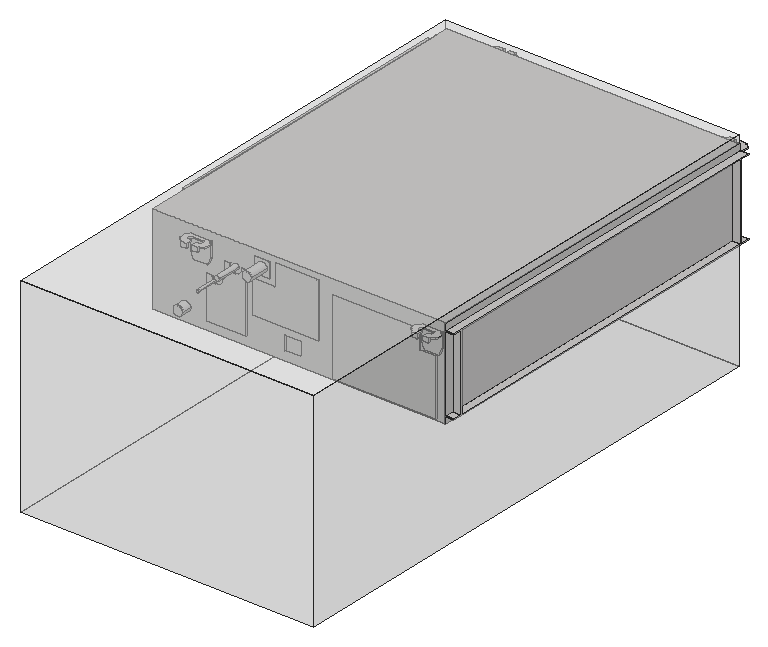
Revit family "outputfile", category 機械設備, Revit 2024
Family settings
  丸型コネクタ寸法 = 半径を使用
  パーツ タイプ = 標準
  OmniClass 番号 = 23.75.10.24.21.27.27
  OmniClass タイトル = Split System Air Conditioning Units
  作業面ベース = いいえ
  常に垂直 = はい
  ロード時にボイドで切り取り = いいえ
  注釈の向きを維持 = いいえ
  共有 = いいえ
  部屋計算ポイント = はい
Parameters (values of type "FDMF50VVMG")
  Description = ""
  製造元 = "Daikin"
  書き出し IFC クラス(タイプ) = "IfcUnitaryEquipmentType"
  定義済み IFC タイプ(タイプ) = "AIRCONDITIONINGUNIT"
  Cost = 0
  モデル = "FDMF50VVMG"
  Type Comments = ""
  Keynote = ""
  Type Image = (empty or 0)
  Assembly Code = ""
  switch_frequency = yes
  r_Liquid Pipe Size = Liquid Pipe Size / 2  # 3.2 mm
  r_Gas Pipe Size = Gas Pipe Size / 2  # 6.35 mm
  r_Drain Pipe Size = Drain Pipe Size / 2  # 12.5 mm
  lw_power = 770.0 mm  # constant formula
  lh_SA = 138.0 mm  # constant formula
  lw_SA = if(Depth = 550.0 mm, 225.0 mm, if(Depth = 700.0 mm, 300.0 mm, if(Depth = 1000.0 mm, 450.0 mm, if(Depth = 1400.0 mm, 650.0 mm, 725.0 mm))))  # 450.0 mm
  lw_RA = if(Depth = 550.0 mm, 275.0 mm, if(Depth = 700.0 mm, 349.0 mm, if(Depth = 1000.0 mm, 499.0 mm, if(Depth = 1400.0 mm, 699.0 mm, 775.0 mm))))  # 499.0 mm
  lh_power = 60.0 mm + [h***]  # 60.0 mm
  lh_mountinghole1 = lh_mountinghole + [h***]  # 222.0 mm
  lh_RA = 123.0 mm  # constant formula
  ld_power = Depth / 2  # 500.0 mm
  connector_voltage = Voltage_50Hz  # 230 V
  connector_powerinput = [Power Input (Cooling)]  # 0.000 kW
  connector_phase = Phase_50Hz  # 1
  Voltage_comment_50Hz = "220 - 240"
  Voltage_50Hz = 230 V
  URL = ""
  Supply Air Direction [instance] = yes
  Sound Power Level_H speed (dB) = 0
  Phase_50Hz = 1
  Minimum External Static Pressure = 50.00 Pa
  Minimum Circuit Amps_50Hz = 0.0 A
  Maximum Fuse Amps_50Hz = 0.0 A
  Maximum External Static Pressure = 150.10 Pa
  Material_Casing = DAIKIN_GalvanizedSteel_Casing_indoorunit
  lw_mountinghole = 630.0 mm  # constant formula
  lh_gaspipe = 183.0 mm + [h***]  # 183.0 mm
  lh_mountinghole = 222.0 mm  # constant formula
  lh_liquidpipe = 136.0 mm + [h***]  # 136.0 mm
  lh_drainpipe = 207.0 mm + [h***]  # 207.0 mm
  lh_antena = Height - lh_mountinghole + 1.0 mm  # 24.0 mm
  ld_drainpipe = Depth / 2 + 53.0 mm  # 553.0 mm
  ld_liquidpipe = Depth / 2 + 69.0 mm  # 569.0 mm
  ld_gaspipe = Depth / 2 + 65.0 mm  # 565.0 mm
  ld_mountinghole = Depth + 38.0 mm  # 1038.0 mm
  h*** = 0.0 mm  # constant formula
  lw_liquidpipe = 179.0 mm  # constant formula
  lw_gaspipe = 229.0 mm  # constant formula
  lw_drainpipe = 300.0 mm  # constant formula
  Width = 800.0 mm
  Version = "ver.1.0"
  Unit Type = "Duct (M.S.P)"
  Unit Mass Weight = 37.00 kg
  Unit Designation [instance] = ""
  Uniclass2015Version = "Products v1.30"
  Uniclass2015Title = "Split coil room air conditioning units"
  Uniclass2015Code = "Pr_70_65_03_86"
  Total Cooling Capacity [instance] = 0.000 kW
  Sound Pressure Level_M speed (dBA) = 33
  Sound Pressure Level_L speed (dBA) = 31
  Sound Pressure Level_H speed (dBA) = 35
  Series = "Multi Split_Fan Coil Unit"
  Sensible Cooling Capacity [instance] = 0.000 kW
  SA Duct Size Width = 792.0 mm
  SA Duct Size Height = 176.0 mm
  Refrigerant Type = "R32"
  RA Duct Size Width = 952.0 mm
  RA Duct Size Height = 208.0 mm
  Power Input (Cooling) = 0.000 kW
  Option Accessory 3 [instance] = ""
  Option Accessory 2 [instance] = ""
  Option Accessory 1 [instance] = ""
  Nominal Cooling Capacity = 5.000 kW
  Minimum Airflow = 750.00 m³/h
  Median Airflow = 900.00 m³/h
  Maximum Airflow = 1080.00 m³/h
  Load Classification = HVAC
  Liquid Pipe Size = 6.4 mm
  Link_Nested Family [instance] = ""
  IfcVersion = ""
  IfcExportType = "AIRCONDITIONINGUNIT"
  IfcExportAs = "IfcUnitaryEquipmentType"
  Height = 245.0 mm
  Heat Exchanger Type = "Cross Fin Coil"
  Gas Pipe Size = 12.7 mm
  Frequency_50Hz = 50 Hz
  Fan Type = "Sirocco Fan"
  Fan Drive = "Direct Drive"
  FCU Tag No. [instance] = ""
  Drain Pipe Size = 25.0 mm
  Design Supply Airflow [instance] = 0.00 m³/h
  Design Return Airflow [instance] = 0.00 m³/h
  Design External Static Pressure [instance] = 0.00 Pa
  Depth = 1000.0 mm
  既定の高さ = 0.0 mm
  Cooling Entering Wet Bulb Temperature [instance] = 0.00 °C
  Cooling Entering Dry Bulb Temperature [instance] = 0.00 °C
  Cooling Ambient Wet Bulb Temperature [instance] = 0.00 °C
  Cooling Ambient Dry Bulb Temperature [instance] = 0.00 °C
  Clearance visibility [instance] = yes
  Clearance Top = 20.0 mm
  Clearance Right = 0.0 mm
  Clearance Rear = 0.0 mm
  Clearance Left = 0.0 mm
  Clearance Front = 450.0 mm
  Clearance Bottom = 300.0 mm
Reference planes
  plane 1 "Center (Front/Back)": y = 0
  plane 2 "h": z = 0
  plane 3 "Center (Left/Right)": x = 0
  plane 4 "Back": y = 500
  plane 5 "Front": y = -500
  plane 6 "Left": x = -400
  plane 7 "Right": x = 400
  plane 8 "Top": z = 0
  plane 9 "Bottom": z = -245
  plane 10: y = -215
  plane 11: y = 500
  plane 12: y = -950
  plane 13: x = -400
  plane 14: x = 400
  plane 15: z = 20
  plane 16: z = -545
  plane 17: x = -400
  plane 18: x = -399
  plane 19: x = 399
  plane 20: y = 50
  plane 21: y = -1
  plane 22: z = -122
  plane 23: y = -501
  plane 24: z = -109
  plane 25: x = -221
  plane 26: y = -565
  plane 27: z = -62
  plane 28: x = -171
  plane 29: y = -553
  plane 30: z = -38
  plane 31: x = -100
  plane 32: x = -100
  plane 33: x = -221
  plane 34: x = -171
  plane 35: x = 370
  plane 36: x = -266
  plane 37: x = 364
  plane 38: y = -519
  plane 39: y = 519
  plane 40: z = -23
  plane 41: z = -107
  plane 42: y = -569
  plane 43: z = -207
  plane 44: x = -309
  plane 45: y = -526
  plane 46: x = -251
  plane 47: x = -203
  plane 48: x = -144
  plane 49: z = -59
  plane 50: z = -106
  plane 51: z = -221
  plane 52: z = -109
  plane 53: x = -221
  plane 54: z = -62
  plane 55: x = -171
  plane 56: z = -17
  plane 57: z = -59
  plane 58: x = -121
  plane 59: x = -79
  plane 60: x = -125
  plane 61: x = -64
  plane 62: x = 53
  plane 63: z = -164
  plane 64: z = -73
  plane 65: z = -16
  plane 66: x = 93.5
  plane 67: x = 374.5
  plane 68: x = 330
  plane 69: z = -88.5
  plane 70: z = -38
  plane 71: z = -242.5
  plane 72: x = -38.5
  plane 73: x = 6.5
  plane 74: z = -181
  plane 75: z = -221
  plane 76: y = -499
  plane 77: x = -424
  plane 78: x = 424
Forms (mm)
  Extrusion 1, solid, material "DAIKIN_GalvanizedSteel_Casing_indoorunit" <- "Material_Casing"
    sketch origin (0, 0, 0) x (1, 0, 0) y (0, 1, 0)
      loop
        line (-399, 500) -> (-399, -500) -> (399, -500) -> (399, 500) -> (-399, 500)
    from -245 to 0
  Extrusion 2, solid, material "DAIKIN_GalvanizedSteel_Casing_indoorunit" <- "Material_Casing"
    sketch origin (0, 0, 0) x (1, 0, 0) y (0, 0, 1)
      loop
        line (-251, -221) -> (-144, -221) -> (-144, -59) -> (-154.47, -59)
        arc (-154.47, -59) -> (-171, -78.8) -> (-187.53, -59) r 16.8
        line (-187.53, -59) -> (-203, -59) -> (-203, -106) -> (-206.916, -106)
        arc (-206.916, -106) -> (-221, -123.4) -> (-235.084, -106) r 14.4
        line (-235.084, -106) -> (-251, -106) -> (-251, -221)
    from 500 to 501
  Extrusion 3, solid, material "DAIKIN_GalvanizedSteel_Casing_indoorunit" <- "Material_Casing"
    sketch origin (0, 0, 0) x (1, 0, 0) y (0, 0, 1)
      loop
        line (-121, -17) -> (-121, -59) -> (-79, -59) -> (-79, -17) -> (-121, -17)
      loop
        line (-125, -73) -> (-125, -164) -> (53, -164) -> (53, -16) -> (-64, -16) -> (-64, -73) -> (-125, -73)
    from 500 to 501
  Extrusion 4, solid, material "DAIKIN_GalvanizedSteel_Casing_indoorunit" <- "Material_Casing"
    sketch origin (0, 0, 0) x (1, 0, 0) y (0, 0, 1)
      loop
        line (93.5, -38) -> (93.5, -242.5) -> (374.5, -242.5) -> (374.5, -88.5) -> (330, -88.5) -> (330, -38) -> (93.5, -38)
    from 500 to 501
  Extrusion 5, solid, material "DAIKIN_GalvanizedSteel_Casing_indoorunit" <- "Material_Casing"
    sketch origin (0, 0, 0) x (1, 0, 0) y (0, 0, 1)
      loop
        circle (-221, -109) r 3.2
    from 500 to 569
  Extrusion 6, solid, material "DAIKIN_GalvanizedSteel_Casing_indoorunit" <- "Material_Casing"
    sketch origin (0, 0, 0) x (1, 0, 0) y (0, 0, 1)
      loop
        circle (-171, -62) r 6.35
    from 500 to 565
  Extrusion 7, solid, material "DAIKIN_GalvanizedSteel_Casing_indoorunit" <- "Material_Casing"
    sketch origin (0, 0, 0) x (1, 0, 0) y (0, 0, 1)
      loop
        circle (-100, -38) r 12.5
    from 501 to 553
  Extrusion 8, solid, material "DAIKIN_GalvanizedSteel_Casing_indoorunit" <- "Material_Casing"
    sketch origin (0, 0, 0) x (1, 0, 0) y (0, 0, 1)
      loop
        circle (-309, -207) r 13
    from 500 to 526
  Extrusion 9, void
    sketch origin (0, 0, 0) x (1, 0, 0) y (0, 0, 1)
      loop
        line (-38.5, -181) -> (-38.5, -221) -> (6.5, -221) -> (6.5, -181) -> (-38.5, -181)
    from 499 to 500
Cuts and joins
  Extrusion 9 cuts Extrusion 1
Dimensions and locks
  "Height": plane 8 "Top" to plane 9 "Bottom"
  equal spacing: plane 4 "Back", plane 1 "Center (Front/Back)", plane 5 "Front"
  "Depth": plane 4 "Back" to plane 5 "Front"
  equal spacing: plane 6 "Left", plane 3 "Center (Left/Right)", plane 7 "Right"
  "Width": plane 6 "Left" to plane 7 "Right"
  "Clearance Left": plane 13 to plane 6 "Left"
  "Clearance Right": plane 7 "Right" to plane 14
  "Clearance Rear": plane 11 to plane 4 "Back"
  "Clearance Front": plane 5 "Front" to plane 12
  "Clearance Top": plane 15 to plane 8 "Top"
  "Clearance Bottom": plane 9 "Bottom" to plane 16
  locked: plane 17 to plane 18 at 1
  locked: plane 19 to plane 14 at 1
  "lw_SA": plane 11 to plane 20
  "lw_RA": plane 21 to plane 5 "Front"
  "lh_RA": plane 22 to plane 9 "Bottom"
  locked: plane 5 "Front" to plane 23 at 1
  "lw_liquidpipe": plane 25 to plane 6 "Left"
  "lh_liquidpipe": plane 24 to plane 9 "Bottom"
  "lh_gaspipe": plane 27 to plane 9 "Bottom"
  "lw_gaspipe": plane 28 to plane 6 "Left"
  "ld_gaspipe": plane 26 to plane 1 "Center (Front/Back)"
  "ld_drainpipe": plane 29 to plane 1 "Center (Front/Back)"
  "lh_drainpipe": plane 30 to plane 9 "Bottom"
  "lw_drainpipe": plane 31 to plane 6 "Left"
  "lw_drainpipe": plane 6 "Left" to plane 32
  "lw_liquidpipe": plane 6 "Left" to plane 33
  "lw_gaspipe": plane 6 "Left" to plane 34
  "lw_power": plane 6 "Left" to plane 35
  locked: plane 17 to plane 36 at 134
  "lw_mountinghole": plane 36 to plane 37
  equal spacing: plane 38, plane 1 "Center (Front/Back)", plane 39
  "ld_mountinghole": plane 39 to plane 38
  "lh_mountinghole": plane 40 to plane 9 "Bottom"
  "lh_SA": plane 41 to plane 9 "Bottom"
  locked: plane 44 to plane 6 "Left" at 91
  locked: plane 43 to plane 9 "Bottom" at 38
  plane 48 to plane 47 to plane 46 to plane 6 "Left" = 59.0 mm, 48.0 mm, 149.0 mm
  plane 8 "Top" to plane 49 to plane 50 to plane 51 = 59.0 mm locked, 47.0 mm locked, 115.0 mm locked
  plane 55 to plane 53 to plane 6 "Left" = 50.0 mm locked, 179.0 mm locked
  plane 54 to plane 52 to plane 9 "Bottom" = 47.0 mm locked, 136.0 mm locked
  plane 59 to plane 58 to plane 6 "Left" = 42.0 mm locked, 279.0 mm locked
  plane 8 "Top" to plane 56 to plane 57 = 17.0 mm locked, 42.0 mm locked
  plane 62 to plane 61 to plane 60 to plane 6 "Left" = 117.0 mm, 61.0 mm, 275.0 mm
  plane 8 "Top" to plane 65 to plane 64 = 16.0 mm locked, 57.0 mm locked
  locked: plane 65 to plane 63 at 148
  plane 8 "Top" to plane 70 to plane 69 to plane 71 = 38.0 mm locked, 50.5 mm locked, 154.0 mm locked
  plane 67 to plane 68 to plane 66 to plane 6 "Left" = 44.5 mm locked, 236.5 mm locked, 493.5 mm locked
  plane 8 "Top" to plane 74 to plane 75 = 181.0 mm locked, 40.0 mm locked
  plane 73 to plane 72 to plane 6 "Left" = 45.0 mm, 361.5 mm
  locked: plane 76 to plane 5 "Front" at 1
  locked: plane 77 to plane 17 at 24
  locked: plane 14 to plane 78 at 24
  "ld_liquidpipe": plane 42 to plane 1 "Center (Front/Back)"
  "r_Liquid Pipe Size": radius of Extrusion 5 sketch curve
  "r_Gas Pipe Size": radius of Extrusion 6 sketch curve
  "r_Drain Pipe Size": radius of Extrusion 7 sketch curve
  aligned and locked: level to plane 2 "h"
  aligned and locked: plane 8 "Top" to Extrusion 1
  aligned and locked: Extrusion 1 to plane 9 "Bottom"
  aligned and locked: nested 5 to plane 12
  aligned and locked: plane 13 to nested 5
  aligned and locked: plane 14 to nested 5
  aligned and locked: nested 5 to plane 13
  aligned and locked: plane 11 to nested 5
  aligned and locked: plane 15 to nested 5
  aligned and locked: plane 16 to nested 5
  aligned and locked: plane 5 "Front" to Extrusion 1 sketch curve
  aligned and locked: Extrusion 1 to plane 18
  aligned and locked: plane 19 to Extrusion 1
  aligned and locked: nested 7 to plane 18
  aligned and locked: nested 7 to plane 20
  aligned and locked: plane 19 to nested 8
  aligned and locked: plane 21 to nested 8
  aligned and locked: plane 22 to nested 8
  aligned and locked: Extrusion 2 to plane 23
  aligned and locked: plane 5 "Front" to Extrusion 2
  aligned and locked: Extrusion 3 to plane 23
  aligned and locked: plane 5 "Front" to Extrusion 3
  aligned and locked: plane 5 "Front" to Extrusion 4
  aligned and locked: Extrusion 5 sketch curve to plane 25
  aligned and locked: plane 24 to Extrusion 5 sketch curve
  aligned and locked: plane 5 "Front" to Extrusion 5
  aligned and locked: Extrusion 6 sketch curve to plane 28
  aligned and locked: plane 27 to Extrusion 6 sketch curve
  aligned and locked: plane 5 "Front" to Extrusion 6
  aligned and locked: Extrusion 7 sketch curve to plane 31
  aligned and locked: Extrusion 7 sketch curve to plane 30
  aligned and locked: Extrusion 7 to plane 29
  aligned and locked: plane 23 to Extrusion 7
  aligned and locked: nested 3 to plane 29
  aligned and locked: plane 32 to nested 3
  aligned and locked: nested 2 to plane 33
  aligned and locked: nested 1 to plane 34
  aligned and locked: Extrusion 6 to plane 26
  aligned and locked: nested 1 to plane 26
  aligned and locked: nested 6 to plane 5 "Front"
  aligned and locked: nested 6 to plane 35
  aligned and locked: plane 36 to nested 10
  aligned and locked: nested 10 to plane 5 "Front"
  aligned and locked: plane 37 to nested 9
  aligned and locked: nested 9 to plane 5 "Front"
  aligned and locked: nested 11 to plane 36
  aligned and locked: plane 4 "Back" to nested 11
  aligned and locked: nested 12 to plane 37
  aligned and locked: plane 4 "Back" to nested 12
  aligned and locked: plane 40 to nested 10
  aligned and locked: plane 40 to nested 11
  aligned and locked: plane 40 to nested 9
  aligned and locked: plane 40 to nested 12
  aligned and locked: plane 36 to nested 14
  aligned and locked: nested 14 to plane 39
  aligned and locked: plane 37 to nested 13
  aligned and locked: nested 13 to plane 39
  aligned and locked: plane 37 to nested 16
  aligned and locked: plane 38 to nested 16
  aligned and locked: plane 38 to nested 15
  aligned and locked: plane 36 to nested 15
  aligned and locked: plane 17 to plane 6 "Left"
  aligned and locked: plane 41 to nested 7
  aligned and locked: Extrusion 5 to plane 42
  aligned and locked: nested 2 to plane 42
  aligned and locked: Extrusion 8 sketch curve to plane 44
  aligned and locked: plane 43 to Extrusion 8 sketch curve
  aligned and locked: plane 5 "Front" to Extrusion 8
  aligned and locked: plane 45 to Extrusion 8
  aligned and locked: Extrusion 3 sketch curve to plane 56
  aligned and locked: Extrusion 3 sketch curve to plane 58
  aligned and locked: plane 57 to Extrusion 3 sketch curve
  aligned and locked: plane 59 to Extrusion 3 sketch curve
  aligned and locked: Extrusion 4 to plane 23
  aligned and locked: Extrusion 9 sketch curve to plane 74
  aligned and locked: plane 75 to Extrusion 9 sketch curve
  aligned and locked: plane 73 to Extrusion 9 sketch curve
  aligned and locked: plane 5 "Front" to Extrusion 9
  aligned and locked: plane 76 to Extrusion 9
  aligned and locked: nested 17 to plane 20
  aligned and locked: nested 17 to plane 77
  aligned and locked: plane 21 to nested 18
  aligned and locked: plane 78 to nested 18
  aligned and locked: plane 41 to nested 17
  aligned and locked: nested 18 to plane 22
  aligned and locked: nested 4 to plane 3 "Center (Left/Right)"
  aligned and locked: plane 1 "Center (Front/Back)" to nested 4
  aligned and locked: level to plane 8 "Top"
Automatic sketch dimensions
  plane 6 "Left" to Extrusion 1 sketch curve = 1.0 mm
  Extrusion 1 sketch curve to plane 7 "Right" = 1.0 mm
  Extrusion 1 sketch curve to plane 4 "Back" = 0.0 mm
  Extrusion 2 sketch curve to plane 46 = 0.0 mm
  Extrusion 2 sketch curve to plane 33 = 0.0 mm
  Extrusion 2 sketch curve to plane 47 = 0.0 mm
  Extrusion 2 sketch curve to plane 34 = 0.0 mm
  Extrusion 2 sketch curve to plane 48 = 0.0 mm
  Extrusion 2 sketch curve to plane 51 = 0.0 mm
  Extrusion 2 sketch curve to plane 52 = 0.0 mm
  Extrusion 2 sketch curve to plane 50 = 0.0 mm  (x3)
  Extrusion 2 sketch curve to plane 54 = 0.0 mm
  Extrusion 2 sketch curve to plane 49 = 0.0 mm  (x3)
  plane 33 to Extrusion 2 sketch curve = 14.084 mm
  plane 34 to Extrusion 2 sketch curve = 16.53 mm
  Extrusion 3 sketch curve to plane 60 = 0.0 mm
  Extrusion 3 sketch curve to plane 61 = 0.0 mm
  Extrusion 3 sketch curve to plane 62 = 0.0 mm
  Extrusion 3 sketch curve to plane 63 = 0.0 mm
  Extrusion 3 sketch curve to plane 64 = 0.0 mm
  Extrusion 3 sketch curve to plane 65 = 0.0 mm
  Extrusion 4 sketch curve to plane 66 = 0.0 mm
  Extrusion 4 sketch curve to plane 68 = 0.0 mm
  Extrusion 4 sketch curve to plane 67 = 0.0 mm
  Extrusion 4 sketch curve to plane 71 = 0.0 mm
  Extrusion 4 sketch curve to plane 69 = 0.0 mm
  Extrusion 4 sketch curve to plane 70 = 0.0 mm
  Extrusion 9 sketch curve to plane 72 = 0.0 mm
  radius of Extrusion 8 sketch curve = 13.0 mm
Nested families
  nested 1: "daikin_connector_rotate2" at (-171, 0, -62), length <- "ld_gaspipe", built-in parameter 1001364 <- "lh_gaspipe", radius <- "r_Gas Pipe Size", type "daikin_connector_rotate2"
    with radius 6.35 mm, length 565.0 mm, angle_vertical 90.00°
  nested 2: "daikin_connector_rotate2" at (-221, 0, -109), length <- "ld_liquidpipe", built-in parameter 1001364 <- "lh_liquidpipe", radius <- "r_Liquid Pipe Size", type "daikin_connector_rotate2"
    with radius 3.2 mm, length 569.0 mm, angle_vertical 90.00°
  nested 3: "daikin_connector_rotate2" at (-100, 0, -38), length <- "ld_drainpipe", built-in parameter 1001364 <- "lh_drainpipe", radius <- "r_Drain Pipe Size", type "daikin_connector_rotate2"
    with radius 12.5 mm, length 553.0 mm, angle_vertical 90.00°
  nested 4: "daikin_△_symbolicline" at (0, 0, 245) x (0, -1, 0) z (0, 0, 1), built-in parameter 1001364 <- "Height", visible <- "Supply Air Direction", type "daikin_△_symbolicline"
    with length 200.0 mm
  nested 5: "daikin_clearancespace" at (0, -225, -262.381), visible <- "Clearance visibility", show <- "Clearance visibility", Link_Nested Family <- "Link_Nested Family", type "daikin_clearancespace"
    with width 800.0 mm, show yes, height 565.0 mm, depth 1450.0 mm, Link_Nested Family ""
  nested 6: "daikin_connector_rotate2" at (370, 0, -185), built-in parameter 1001364 <- "lh_power", length <- "ld_power", type "daikin_connector_rotate2"
    with radius 10.0 mm, length 500.0 mm, angle_vertical 90.00°
  nested 7: "daikin_ductflange_FDMF-VVMG2" at (-399, 50, -107) x (0, -1, 0) z (0, 0, 1), type "daikin_ductflange_FDMF-VVMG2"
    with width 792.0 mm, w 1000.0 mm
  nested 8: "daikin_ductflange_FDMF-VVMG" at (399, -1, -122) x (0, 1, 0) z (0, 0, 1), type "daikin_ductflange_FDMF-VVMG"
    with width 952.0 mm, lw 25.0 mm, w 1000.0 mm
  nested 9: "daikin_hangerfixture_FDMF-VVMG" at (364, -500, -23), type "daikin_hangerfixture_FDMF-VVMG"
  nested 10: "daikin_hangerfixture_FDMF-VVMG" at (-266, -500, -23), type "daikin_hangerfixture_FDMF-VVMG"
  nested 11: "daikin_hangerfixture_FDMF-VVMG" at (-266, 500, -23) x (-1, 0, 0) z (0, 0, 1), type "daikin_hangerfixture_FDMF-VVMG"
  nested 12: "daikin_hangerfixture_FDMF-VVMG" at (364, 500, -23) x (-1, 0, 0) z (0, 0, 1), type "daikin_hangerfixture_FDMF-VVMG"
  nested 13: "daikin_mountinghole" at (364, 519, -245), h_mountinghole <- "lh_mountinghole1", l_antenna <- "lh_antena", Link_Nested Family <- "Link_Nested Family", type "daikin_mountinghole"
    with show yes, l_antenna 24.0 mm, h_mountinghole 222.0 mm, Link_Nested Family ""
  nested 14: "daikin_mountinghole" at (-266, 519, -245), h_mountinghole <- "lh_mountinghole1", l_antenna <- "lh_antena", Link_Nested Family <- "Link_Nested Family", type "daikin_mountinghole"
    with show yes, l_antenna 24.0 mm, h_mountinghole 222.0 mm, Link_Nested Family ""
  nested 15: "daikin_mountinghole" at (-266, -519, -245), h_mountinghole <- "lh_mountinghole1", l_antenna <- "lh_antena", Link_Nested Family <- "Link_Nested Family", type "daikin_mountinghole"
    with show yes, l_antenna 24.0 mm, h_mountinghole 222.0 mm, Link_Nested Family ""
  nested 16: "daikin_mountinghole" at (364, -519, -245), h_mountinghole <- "lh_mountinghole1", l_antenna <- "lh_antena", Link_Nested Family <- "Link_Nested Family", type "daikin_mountinghole"
    with show yes, l_antenna 24.0 mm, h_mountinghole 222.0 mm, Link_Nested Family ""
  nested 17: "daikin_connector_rotate2" at (-400, 50, -107) x (0, -1, 0) z (0, 0, 1), type "daikin_connector_rotate2"
    with radius 10.0 mm, length 24.0 mm, angle_vertical 90.00°
  nested 18: "daikin_connector_rotate2" at (400, -1, -122) x (0, 1, 0) z (0, 0, 1), type "daikin_connector_rotate2"
    with radius 10.0 mm, length 24.0 mm, angle_vertical 90.00°
Connectors
  piping at (-100, -553, -38), diameter 25, driven by "r_Drain Pipe Size"
    settings: on nested 3, index 3, connector inside diameter 609.6 mm, connector length 0.0 mm, flow factor 0, pipe flow 0.00 m³/h, pressure drop 0.0 Pa, fitting loss kfactor 0, connector angle 0.00°, fixture units 0, engagement length 0.0 mm, angle of deflection 0.00°, flow configuration 1, flow direction 2, fitting loss method 4, system type 16, joint type 0, gender type 0, connector reference index -1, connector utility 0, adjustable connector no, is connector primary yes, connector description "Condensate Drain Piping"
  piping at (-171, -565, -62), diameter 12.7, driven by "r_Gas Pipe Size"
    settings: on nested 1, index 4, connector inside diameter 609.6 mm, connector length 0.0 mm, flow factor 0, pipe flow 0.00 m³/h, pressure drop 0.0 Pa, fitting loss kfactor 0, connector angle 0.00°, fixture units 0, engagement length 0.0 mm, angle of deflection 0.00°, flow configuration 1, flow direction 2, fitting loss method 0, system type 29, joint type 0, gender type 0, connector reference index -1, connector utility 0, adjustable connector no, is connector primary no, connector description "Refrigerant Gas Piping"
  piping at (-221, -569, -109), diameter 6.4, driven by "r_Liquid Pipe Size"
    settings: on nested 2, index 5, connector inside diameter 609.6 mm, connector length 0.0 mm, flow factor 0, pipe flow 0.00 m³/h, pressure drop 0.0 Pa, fitting loss kfactor 0, connector angle 0.00°, fixture units 0, engagement length 0.0 mm, angle of deflection 0.00°, flow configuration 1, flow direction 1, fitting loss method 0, system type 29, joint type 0, gender type 0, connector reference index -1, connector utility 0, adjustable connector no, is connector primary no, connector description "Refrigerant Liquid Piping"
  electrical at (370, -500, -185), driven by "Load Classification", driven by "connector_voltage", driven by "connector_phase", driven by "connector_powerinput"
    settings: on nested 6, index 6, voltage 230 V, apparent load 0 VA, apparent load phase1 0 VA, apparent load phase2 0 VA, apparent load phase3 0 VA, power factor 1, load classification "HVAC", number of poles 1, system type 30, power factor state 1, is connector primary yes, connector utility no, sub classification motor no, connector description "Power Supply"
  hvac at (-424, 50, -107), driven by "SA Duct Size Height", driven by "SA Duct Size Width"
    settings: on nested 17, index 7, duct flow 0.00 m³/h, flow factor 0, pres drop 0.00 Pa, loss coef 0, conn angle 0.00°, conn width 792.0 mm, conn height 176.0 mm, conn diameter 609.6 mm, duct sys type 1, conn prof type 1, flow config 0, flow direction 2, loss method 4, conn ref index -1, conn util no, is conn primary yes, conn desc "SA Duct"
  hvac at (424, -1, -122), driven by "RA Duct Size Height", driven by "RA Duct Size Width"
    settings: on nested 18, index 8, duct flow 0.00 m³/h, flow factor 0, pres drop 0.00 Pa, loss coef 0, conn angle 0.00°, conn width 952.0 mm, conn height 208.0 mm, conn diameter 609.6 mm, duct sys type 2, conn prof type 1, flow config 0, flow direction 1, loss method 4, conn ref index -1, conn util no, is conn primary no, conn desc "RA Duct"
Definition of nested family "daikin_clearancespace"
  Parameters (values of type "daikin_clearancespace")
    Description = "daikin_clearancespace"
    width [instance] = 1823.963 mm
    show [instance] = yes
    material = none
    height [instance] = 1359.762 mm
    depth [instance] = 880.0 mm
    Default Elevation = 0.0 mm
    Link_Nested Family [instance] = ""
  Reference planes
    plane 1 "Center (Front/Back)": y = 0
    plane 2 "Center (Elevation)": z = -0.119
    plane 3 "Center (Left/Right)": x = 0
    plane 4: y = 440
    plane 5: y = -440
    plane 6 "Right": x = 911.982
    plane 7 "Left": x = -911.982
    plane 8 "Top": z = 679.762
    plane 9 "Bottom": z = -680
  Forms (mm)
    Extrusion 1, solid, material <- "material", visible <- "show"
      sketch origin (0, 0, 0) x (1, 0, 0) y (0, 1, 0)
        loop
          line (-911.982, 440) -> (-911.982, -440) -> (911.982, -440) -> (911.982, 440) -> (-911.982, 440)
      from -680 to 679.762
  Lines and regions (mm)
    symbolic lines, visible <- "show"
      curve 1: line (911.982, 440, 0) -> (-911.982, 440, 0)
      curve 2: line (-911.982, 440, 0) -> (-911.982, -440, 0)
      curve 3: line (-911.982, -440, 0) -> (911.982, -440, 0)
      curve 4: line (911.982, -440, 0) -> (911.982, 440, 0)
      curve 5: line (911.982, 0, 679.762) -> (-911.982, 0, 679.762)
      curve 6: line (911.982, 0, -680) -> (911.982, 0, 679.762)
      curve 7: line (-911.982, 0, -680) -> (911.982, 0, -680)
      curve 8: line (-911.982, 0, 679.762) -> (-911.982, 0, -680)
      curve 9: line (0, 440, 679.762) -> (0, -440, 679.762)
      curve 10: line (0, -440, 679.762) -> (0, -440, -680)
      curve 11: line (0, 440, -680) -> (0, 440, 679.762)
      curve 12: line (0, -440, -680) -> (0, 440, -680)
  Dimensions and locks
    "width": plane 7 "Left" to plane 6 "Right"
    "depth": plane 4 to plane 5
    "height": plane 8 "Top" to plane 9 "Bottom"
    equal spacing: plane 7 "Left", plane 3 "Center (Left/Right)", plane 6 "Right"
    equal spacing: plane 4, plane 1 "Center (Front/Back)", plane 5
    equal spacing: plane 8 "Top", plane 2 "Center (Elevation)", plane 9 "Bottom"
    aligned and locked: level to plane 2 "Center (Elevation)"
    aligned and locked: Extrusion 1 sketch curve to plane 4
    aligned and locked: plane 7 "Left" to Extrusion 1 sketch curve
    aligned and locked: Extrusion 1 sketch curve to plane 5
    aligned and locked: Extrusion 1 sketch curve to plane 6 "Right"
    aligned and locked: plane 8 "Top" to Extrusion 1
    aligned and locked: curve 1 to Extrusion 1
    aligned and locked: curve 2 to Extrusion 1
    aligned and locked: curve 3 to Extrusion 1
    aligned and locked: curve 4 to Extrusion 1
    aligned and locked: curve 5 to Extrusion 1
    aligned and locked: curve 6 to Extrusion 1
    aligned and locked: curve 7 to Extrusion 1
    aligned and locked: curve 8 to Extrusion 1
    aligned and locked: curve 9 to Extrusion 1
    aligned and locked: curve 10 to Extrusion 1
    aligned and locked: curve 11 to Extrusion 1
    aligned and locked: curve 12 to Extrusion 1
    aligned and locked: Extrusion 1 to plane 9 "Bottom"
Definition of nested family "daikin_ductflange_FDMF-VVMG2"
  Parameters (values of type "daikin_ductflange_FBFC-DVMG2")
    width = if(w = 550.0 mm, 337.0 mm, if(w = 700.0 mm, 492.0 mm, if(w = 1000.0 mm, 792.0 mm, if(w = 1400.0 mm, 1192.0 mm, 1337.0 mm))))  # 1192.0 mm
    material = none
    height = 215.0 mm
    depth = 1.0 mm
    w = 1400.0 mm
    Default Elevation = 0.0 mm
  Reference planes
    plane 1 "Center (Front/Back)": y = 0
    plane 2: z = 0
    plane 3 "Center (Left/Right)": x = 0
    plane 4: z = 88
    plane 5: z = -88
    plane 6: y = -25
    plane 7: z = 106
    plane 8: z = 89
    plane 9: y = -1
    plane 10: x = -617.5
    plane 11: x = 617.5
    plane 12: z = -106
    plane 13: z = -89
    plane 14: y = -1
    plane 15: x = 596
    plane 16: x = -596
    plane 17: x = 597
    plane 18: z = 87
    plane 19: z = -87
    plane 20: x = -597
    plane 21: z = 87
    plane 22: z = -87
    plane 23: y = -1
  Forms (mm)
    Extrusion 1, solid, material <- "material"
      sketch origin (0, 0, 0) x (0, 1, 0) y (0, 0, 1)
        loop
          line (-25, 88) -> (0, 88) -> (0, 106) -> (-1, 106) -> (-1, 89) -> (-25, 89) -> (-25, 88)
      from -617.5 to 617.5
    Extrusion 2, solid, material <- "material"
      sketch origin (0, 0, 0) x (0, 1, 0) y (0, 0, 1)
        loop
          line (-25, -88) -> (-25, -89) -> (-1, -89) -> (-1, -106) -> (0, -106) -> (0, -88) -> (-25, -88)
      from -617.5 to 617.5
    Extrusion 3, solid, material <- "material"
      sketch origin (0, 0, 0) x (1, 0, 0) y (0, 0, 1)
        loop
          line (596, 88) -> (596, -88) -> (617.5, -88) -> (617.5, -87) -> (597, -87) -> (597, 87) -> (617.5, 87) -> (617.5, 88) -> (596, 88)
      from 0 to 25
    Extrusion 4, solid, material <- "material"
      sketch origin (0, 0, 0) x (1, 0, 0) y (0, 0, 1)
        loop
          line (-617.5, 88) -> (-617.5, 87) -> (-597, 87) -> (-597, -87) -> (-617.5, -87) -> (-617.5, -88) -> (-596, -88) -> (-596, 88) -> (-617.5, 88)
      from 0 to 25
    Extrusion 5, solid, material <- "material"
      sketch origin (0, 0, 0) x (1, 0, 0) y (0, 0, 1)
        loop
          line (-617.5, 88) -> (-617.5, -88) -> (-596, -88) -> (-596, 88) -> (-617.5, 88)
        loop
          line (617.5, 88) -> (596, 88) -> (596, -88) -> (617.5, -88) -> (617.5, 88)
      from 0 to 1
  Cuts and joins
    joined: Extrusion 1, Extrusion 2, Extrusion 3, Extrusion 4, Extrusion 5
  Dimensions and locks
    plane 4 to level to plane 5 = 88.0 mm, 88.0 mm
    locked: plane 6 to plane 1 "Center (Front/Back)" at 25
    locked: plane 9 to plane 1 "Center (Front/Back)" at 1
    locked: plane 8 to plane 4 at 1
    locked: plane 16 to plane 10 at 21.5
    locked: plane 17 to plane 15 at 1
    locked: plane 4 to plane 18 at 1
    locked: plane 19 to plane 5 at 1
    "width": plane 15 to plane 16
    plane 4 to plane 5 = 176.0 mm
    locked: plane 16 to plane 20 at 1
    locked: plane 4 to plane 21 at 1
    locked: plane 22 to plane 5 at 1
    locked: plane 23 to plane 1 "Center (Front/Back)" at 1
    plane 4 to level to plane 5 = 88.0 mm locked, 88.0 mm locked
    locked: plane 5 to plane 13 at 1
    locked: plane 5 to plane 12 at 18
    locked: plane 7 to plane 4 at 18
    equal spacing: plane 15, plane 3 "Center (Left/Right)", plane 16
    locked: plane 11 to plane 15 at 21.5
    plane 11 to plane 10 = 1235.0 mm
    aligned and locked: level to plane 2
    aligned and locked: Extrusion 1 to plane 10
    aligned and locked: plane 11 to Extrusion 1
    aligned and locked: plane 5 to Extrusion 2
    aligned and locked: Extrusion 2 to plane 1 "Center (Front/Back)"
    aligned and locked: plane 15 to Extrusion 3 sketch curve
    aligned and locked: Extrusion 3 sketch curve to Extrusion 2  (x2)
    aligned and locked: Extrusion 3 sketch curve to plane 11
    aligned and locked: plane 6 to Extrusion 3
    aligned and locked: Extrusion 2 to plane 10
    aligned and locked: plane 11 to Extrusion 2
    aligned and locked: Extrusion 4 sketch curve to Extrusion 1  (x2)
    aligned and locked: plane 5 to Extrusion 4 sketch curve
    aligned and locked: Extrusion 4 sketch curve to plane 16
    aligned and locked: Extrusion 4 sketch curve to plane 22
    aligned and locked: plane 20 to Extrusion 4 sketch curve
    aligned and locked: plane 21 to Extrusion 4 sketch curve
    aligned and locked: Extrusion 4 to plane 1 "Center (Front/Back)"
    aligned and locked: plane 6 to Extrusion 4
    aligned and locked: Extrusion 5 sketch curve to Extrusion 1  (x4)
    aligned and locked: Extrusion 5 sketch curve to Extrusion 4  (x2)
    aligned and locked: Extrusion 5 sketch curve to Extrusion 3  (x2)
    aligned and locked: Extrusion 5 to plane 1 "Center (Front/Back)"
    aligned and locked: plane 23 to Extrusion 5
  Automatic sketch dimensions
    Extrusion 1 sketch curve to plane 6 = 0.0 mm
    Extrusion 1 sketch curve to plane 7 = 0.0 mm
    Extrusion 1 sketch curve to plane 9 = 0.0 mm
    Extrusion 1 sketch curve to plane 1 "Center (Front/Back)" = 0.0 mm
    Extrusion 1 sketch curve to plane 4 = 0.0 mm
    Extrusion 1 sketch curve to plane 8 = 0.0 mm
    Extrusion 2 sketch curve to plane 6 = 0.0 mm
    plane 12 to Extrusion 2 sketch curve = 0.0 mm
    Extrusion 2 sketch curve to plane 14 = 0.0 mm
    Extrusion 2 sketch curve to plane 1 "Center (Front/Back)" = 0.0 mm
    plane 13 to Extrusion 2 sketch curve = 0.0 mm
    Extrusion 2 sketch curve to plane 5 = 0.0 mm
    Extrusion 3 sketch curve to plane 17 = 0.0 mm
    Extrusion 3 sketch curve to plane 19 = 0.0 mm
    Extrusion 3 sketch curve to plane 18 = 0.0 mm
    Extrusion 3 sketch curve to plane 4 = 0.0 mm
    Extrusion 4 sketch curve to plane 10 = 0.0 mm
Definition of nested family "daikin_ductflange_FDMF-VVMG"
  Parameters (values of type "daikin_ductflange_FBFC-DVMG")
    width = if(w = 550.0 mm, 502.0 mm, if(w = 700.0 mm, 654.0 mm, if(w = 1000.0 mm, 952.0 mm, if(w = 1400.0 mm, 1352.0 mm, 1502.0 mm))))  # 654.0 mm
    material = none
    lw = if(width = 654.0 mm, 23.0 mm, 25.0 mm)  # 23.0 mm
    height = 208.0 mm
    depth = 1.0 mm
    w = 700.0 mm
    Default Elevation = 0.0 mm
  Reference planes
    plane 1 "Center (Front/Back)": y = 0
    plane 2: z = 0
    plane 3 "Center (Left/Right)": x = 0
    plane 4: z = 104
    plane 5: z = -104
    plane 6: y = -25
    plane 7: z = 121
    plane 8: z = 105
    plane 9: y = -1
    plane 10: x = -350
    plane 11: x = 350
    plane 12: z = -122
    plane 13: z = -105
    plane 14: y = -1
    plane 15: x = 327
    plane 16: x = -327
    plane 17: x = 328
    plane 18: z = 103
    plane 19: z = -103
    plane 20: x = -328
    plane 21: z = 103
    plane 22: z = -103
    plane 23: y = -1
  Forms (mm)
    Extrusion 1, solid, material <- "material"
      sketch origin (0, 0, 0) x (0, 1, 0) y (0, 0, 1)
        loop
          line (-25, 104) -> (0, 104) -> (0, 121) -> (-1, 121) -> (-1, 105) -> (-25, 105) -> (-25, 104)
      from -350 to 350
    Extrusion 2, solid, material <- "material"
      sketch origin (0, 0, 0) x (0, 1, 0) y (0, 0, 1)
        loop
          line (-25, -104) -> (-25, -105) -> (-1, -105) -> (-1, -122) -> (0, -122) -> (0, -104) -> (-25, -104)
      from -350 to 350
    Extrusion 3, solid, material <- "material"
      sketch origin (0, 0, 0) x (1, 0, 0) y (0, 0, 1)
        loop
          line (327, 104) -> (327, -104) -> (350, -104) -> (350, -103) -> (328, -103) -> (328, 103) -> (350, 103) -> (350, 104) -> (327, 104)
      from 0 to 25
    Extrusion 4, solid, material <- "material"
      sketch origin (0, 0, 0) x (1, 0, 0) y (0, 0, 1)
        loop
          line (-350, 104) -> (-350, 103) -> (-328, 103) -> (-328, -103) -> (-350, -103) -> (-350, -104) -> (-327, -104) -> (-327, 104) -> (-350, 104)
      from 0 to 25
    Extrusion 5, solid, material <- "material"
      sketch origin (0, 0, 0) x (1, 0, 0) y (0, 0, 1)
        loop
          line (-350, 104) -> (-350, -104) -> (-327, -104) -> (-327, 104) -> (-350, 104)
        loop
          line (350, 104) -> (327, 104) -> (327, -104) -> (350, -104) -> (350, 104)
      from 0 to 1
  Cuts and joins
    joined: Extrusion 1, Extrusion 2, Extrusion 3, Extrusion 4, Extrusion 5
  Dimensions and locks
    plane 4 to level to plane 5 = 104.0 mm, 104.0 mm
    locked: plane 6 to plane 1 "Center (Front/Back)" at 25
    locked: plane 9 to plane 1 "Center (Front/Back)" at 1
    locked: plane 8 to plane 4 at 1
    "lw": plane 11 to plane 15
    "lw": plane 16 to plane 10
    locked: plane 17 to plane 15 at 1
    locked: plane 4 to plane 18 at 1
    locked: plane 19 to plane 5 at 1
    "width": plane 15 to plane 16
    equal spacing: plane 15, plane 3 "Center (Left/Right)", plane 16
    locked: plane 16 to plane 20 at 1
    locked: plane 4 to plane 21 at 1
    locked: plane 22 to plane 5 at 1
    locked: plane 23 to plane 1 "Center (Front/Back)" at 1
    locked: plane 7 to plane 4 at 17
    locked: plane 1 "Center (Front/Back)" to plane 14 at 1
    locked: plane 5 to plane 13 at 1
    "height": plane 4 to plane 5
    plane 11 to plane 10 = 700.0 mm
    locked: plane 12 to plane 13 at 17
    equal spacing: plane 4, level, plane 5
    aligned and locked: level to plane 2
    aligned and locked: Extrusion 1 to plane 10
    aligned and locked: plane 11 to Extrusion 1
    aligned and locked: plane 5 to Extrusion 2
    aligned and locked: Extrusion 2 to plane 1 "Center (Front/Back)"
    aligned and locked: plane 15 to Extrusion 3 sketch curve
    aligned and locked: Extrusion 3 sketch curve to Extrusion 2  (x2)
    aligned and locked: Extrusion 3 sketch curve to plane 11
    aligned and locked: plane 6 to Extrusion 3
    aligned and locked: Extrusion 2 to plane 10
    aligned and locked: plane 11 to Extrusion 2
    aligned and locked: Extrusion 4 sketch curve to Extrusion 1  (x2)
    aligned and locked: plane 5 to Extrusion 4 sketch curve
    aligned and locked: Extrusion 4 sketch curve to plane 16
    aligned and locked: Extrusion 4 sketch curve to plane 22
    aligned and locked: plane 20 to Extrusion 4 sketch curve
    aligned and locked: plane 21 to Extrusion 4 sketch curve
    aligned and locked: Extrusion 4 to plane 1 "Center (Front/Back)"
    aligned and locked: plane 6 to Extrusion 4
    aligned and locked: Extrusion 5 sketch curve to Extrusion 1  (x4)
    aligned and locked: Extrusion 5 sketch curve to Extrusion 4  (x2)
    aligned and locked: Extrusion 5 sketch curve to Extrusion 3  (x2)
    aligned and locked: Extrusion 5 to plane 1 "Center (Front/Back)"
    aligned and locked: plane 23 to Extrusion 5
  Automatic sketch dimensions
    Extrusion 1 sketch curve to plane 6 = 0.0 mm
    Extrusion 1 sketch curve to plane 7 = 0.0 mm
    Extrusion 1 sketch curve to plane 9 = 0.0 mm
    Extrusion 1 sketch curve to plane 1 "Center (Front/Back)" = 0.0 mm
    Extrusion 1 sketch curve to plane 4 = 0.0 mm
    Extrusion 1 sketch curve to plane 8 = 0.0 mm
    Extrusion 2 sketch curve to plane 6 = 0.0 mm
    plane 12 to Extrusion 2 sketch curve = 0.0 mm
    Extrusion 2 sketch curve to plane 14 = 0.0 mm
    Extrusion 2 sketch curve to plane 1 "Center (Front/Back)" = 0.0 mm
    plane 13 to Extrusion 2 sketch curve = 0.0 mm
    Extrusion 2 sketch curve to plane 5 = 0.0 mm
    Extrusion 3 sketch curve to plane 17 = 0.0 mm
    Extrusion 3 sketch curve to plane 19 = 0.0 mm
    Extrusion 3 sketch curve to plane 18 = 0.0 mm
    Extrusion 3 sketch curve to plane 4 = 0.0 mm
    Extrusion 4 sketch curve to plane 10 = 0.0 mm
Definition of nested family "daikin_hangerfixture_FDMF-VVMG"
  Parameters (values of type "daikin_hangerfixture_FXMQ-PAVE")
    width = 72.0 mm
    material = none
    height = 60.0 mm
    depth = 41.0 mm
    Default Elevation = 0.0 mm
  Reference planes
    plane 1 "Center (Front/Back)": y = 0
    plane 2: z = 0
    plane 3 "Center (Left/Right)": x = 0
    plane 4: y = 417.146
    plane 5: y = -41
    plane 6: x = -36
    plane 7: x = 36
    plane 8: z = -2.3
    plane 9: z = -60
    plane 10: y = -2.3
    plane 11: z = -12
    plane 12: y = -38.7
  Forms (mm)
    Extrusion 1, solid, material <- "material"
      sketch origin (0, 0, 0) x (1, 0, 0) y (0, 1, 0)
        loop
          line (-28, 0) -> (-28, -5)
          arc (-28, -5) -> (-29.127, -8.162) -> (-32, -9.899) r 5
          arc (-32, -9.899) -> (-34.873, -11.636) -> (-36, -14.798) r 5
          line (-36, -14.798) -> (-36, -27.178)
          arc (-36, -27.178) -> (-35.429, -29.499) -> (-33.846, -31.289) r 5
          line (-33.846, -31.289) -> (-23, -38.798) -> (-23, -41.098) -> (-6.5, -41.098) -> (-6.5, -28.498)
          arc (-6.5, -28.498) -> (-7.379, -26.377) -> (-9.5, -25.498) r 3
          line (-9.5, -25.498) -> (-13.5, -25.498)
          arc (-13.5, -25.498) -> (-20, -18.998) -> (-13.5, -12.498) r 6.5
          line (-13.5, -12.498) -> (13.5, -12.498)
          arc (13.5, -12.498) -> (20, -18.998) -> (13.5, -25.498) r 6.5
          line (13.5, -25.498) -> (9.5, -25.498)
          arc (9.5, -25.498) -> (7.379, -26.377) -> (6.5, -28.498) r 3
          line (6.5, -28.498) -> (6.5, -41.098) -> (23, -41.098) -> (23, -38.798) -> (33.846, -31.289)
          arc (33.846, -31.289) -> (35.429, -29.499) -> (36, -27.178) r 5
          line (36, -27.178) -> (36, -14.596)
          arc (36, -14.596) -> (34.873, -11.434) -> (32, -9.697) r 5
          arc (32, -9.697) -> (29.127, -7.96) -> (28, -4.798) r 5
          line (28, -4.798) -> (28, 0) -> (-28, 0)
      from 0 to -2.3
    Extrusion 2, solid, material <- "material"
      sketch origin (0, 0, 0) x (1, 0, 0) y (0, 0, 1)
        loop
          line (28, -39.037) -> (28, 0) -> (-28, 0) -> (-28, -39.037)
          arc (-28, -39.037) -> (-27.91, -39.983) -> (-27.642, -40.894) r 5
          line (-27.642, -40.894) -> (-21.257, -56.857)
          arc (-21.257, -56.857) -> (-19.418, -59.14) -> (-16.615, -60) r 5
          line (-16.615, -60) -> (16.615, -60)
          arc (16.615, -60) -> (19.418, -59.14) -> (21.257, -56.857) r 5
          line (21.257, -56.857) -> (27.642, -40.894)
          arc (27.642, -40.894) -> (27.91, -39.983) -> (28, -39.037) r 5
      from 0 to 2.3
    Extrusion 3, solid, material <- "material"
      sketch origin (0, 0, 0) x (1, 0, 0) y (0, 0, 1)
        loop
          line (-23, 0) -> (-23, -9)
          arc (-23, -9) -> (-22.121, -11.121) -> (-20, -12) r 3
          line (-20, -12) -> (-9.5, -12)
          arc (-9.5, -12) -> (-7.379, -11.121) -> (-6.5, -9) r 3
          line (-6.5, -9) -> (-6.5, 0) -> (-23, 0)
        loop
          line (23, 0) -> (6.5, 0) -> (6.5, -9)
          arc (6.5, -9) -> (7.379, -11.121) -> (9.5, -12) r 3
          line (9.5, -12) -> (20, -12)
          arc (20, -12) -> (22.121, -11.121) -> (23, -9) r 3
          line (23, -9) -> (23, 0)
      from 38.8 to 41.098
  Cuts and joins
    joined: Extrusion 1, Extrusion 2, Extrusion 3
  Dimensions and locks
    plane 2 to plane 8 = 2.3 mm
    "height": plane 2 to plane 9
    locked: plane 10 to plane 1 "Center (Front/Back)" at 2.3
    locked: plane 2 to plane 11 at 12
    locked: plane 12 to plane 5 at 2.3
    aligned and locked: level to plane 2
    aligned and locked: Extrusion 1 to plane 8
    aligned and locked: plane 2 to Extrusion 1
    aligned and locked: plane 2 to Extrusion 2 sketch curve
    aligned and locked: Extrusion 2 to plane 10
    aligned and locked: Extrusion 2 to plane 1 "Center (Front/Back)"
    aligned and locked: Extrusion 3 sketch curve to cut or joined group of Extrusion 1, Extrusion 2, Extrusion 3  (x3)
    aligned and locked: cut or joined group of Extrusion 1, Extrusion 2, Extrusion 3 to Extrusion 3
  Automatic sketch dimensions
    Extrusion 2 sketch curve to plane 7 = 8.0 mm
    Extrusion 2 sketch curve to plane 8 = 36.737 mm
    plane 6 to Extrusion 2 sketch curve = 19.385 mm
    Extrusion 1 sketch curve to plane 6 = 0.0 mm
    plane 1 "Center (Front/Back)" to Extrusion 1 sketch curve = 0.0 mm
    Extrusion 1 sketch curve to plane 7 = 0.0 mm
    plane 6 to Extrusion 1 sketch curve = 2.154 mm
    plane 6 to Extrusion 1 sketch curve = 3.0 mm
    Extrusion 1 sketch curve to Extrusion 1 sketch curve = 5.0 mm  (x3)
    Extrusion 1 sketch curve to plane 12 = 0.098 mm  (x2)
    Extrusion 1 sketch curve to Extrusion 1 sketch curve = 4.0 mm  (x2)
    Extrusion 1 sketch curve to plane 5 = 0.098 mm  (x2)
    Extrusion 1 sketch curve to plane 3 "Center (Left/Right)" = 6.5 mm
    plane 3 "Center (Left/Right)" to Extrusion 1 sketch curve = 6.5 mm
    Extrusion 1 sketch curve to Extrusion 1 sketch curve = 3.0 mm
    Extrusion 1 sketch curve to plane 7 = 8.0 mm
    Extrusion 1 sketch curve to plane 7 = 5.0 mm
    Extrusion 1 sketch curve to plane 7 = 3.0 mm
    Extrusion 1 sketch curve to plane 7 = 2.154 mm
    plane 12 to Extrusion 1 sketch curve = 7.411 mm  (x2)
    plane 12 to Extrusion 1 sketch curve = 10.202 mm  (x2)
    Extrusion 1 sketch curve to Extrusion 1 sketch curve = 6.5 mm  (x2)
    Extrusion 1 sketch curve to Extrusion 1 sketch curve = 12.38 mm
    Extrusion 1 sketch curve to plane 10 = 12.296 mm
    Extrusion 1 sketch curve to plane 10 = 2.7 mm
    Extrusion 1 sketch curve to plane 10 = 2.498 mm
    plane 6 to Extrusion 1 sketch curve = 4.0 mm
    Extrusion 1 sketch curve to Extrusion 1 sketch curve = 0.0 mm  (x2)
    Extrusion 1 sketch curve to plane 7 = 4.0 mm
    Extrusion 1 sketch curve to Extrusion 1 sketch curve = 4.111 mm
    Extrusion 3 sketch curve to level = 0.0 mm  (x2)
    Extrusion 3 sketch curve to plane 11 = 0.0 mm  (x2)
    plane 11 to Extrusion 3 sketch curve = 3.0 mm  (x2)
    plane 3 "Center (Left/Right)" to Extrusion 3 sketch curve = 6.5 mm
    Extrusion 3 sketch curve to Extrusion 3 sketch curve = 3.0 mm  (x2)
    Extrusion 2 sketch curve to plane 9 = 0.0 mm
    Extrusion 2 sketch curve to Extrusion 2 sketch curve = 11.385 mm
    plane 6 to Extrusion 2 sketch curve = 8.0 mm
    plane 9 to Extrusion 2 sketch curve = 20.963 mm
    Extrusion 2 sketch curve to Extrusion 2 sketch curve = 5.0 mm  (x2)
    plane 9 to Extrusion 2 sketch curve = 3.143 mm  (x3)
    Extrusion 2 sketch curve to Extrusion 2 sketch curve = 4.642 mm  (x2)
    Extrusion 2 sketch curve to Extrusion 2 sketch curve = 0.0 mm  (x2)
    Extrusion 2 sketch curve to Extrusion 2 sketch curve = 0.358 mm
    Extrusion 2 sketch curve to Extrusion 2 sketch curve = 1.857 mm  (x2)
Definition of nested family "daikin_connector_rotate2"
  Parameters (values of type "daikin_connector_rotate2")
    Default Elevation = 1219.2 mm
    show_face = no
    radius [instance] = 10.0 mm
    length [instance] = 600.0 mm
    d_surface = 10.0 mm
    angle_vertical [instance] = 90.00°
  Reference planes
    plane 1 "Center (Front/Back)": y = 0
    plane 2: z = 0
    plane 3 "Center (Left/Right)": x = 0
  Forms (mm)
    Extrusion 1, solid, visible <- "show_face"
      sketch origin (0, -600, 0) x (1, 0, 0) y (0, 0, 1)
        loop
          circle (0, 0) r 10
      from 0 to -10
  Lines and regions (mm)
    reference lines
      curve 1: line (0, 0, 0) -> (0, -600, 0)
    symbolic lines
      curve 2: circle (0, 0, 0) r 5 normal (0, 0, 1)
    model lines, visible <- "show_face"
      curve 3: line (0, 0, 0) -> (0, -600, 0)
  Dimensions and locks
    "length": curve 1 to curve 1
    "length": curve 3 to curve 3
    "d_surface": Extrusion 1 to Extrusion 1
    "radius": radius of Extrusion 1 sketch curve
    "angle_vertical": angle curve 1 to plane 1 "Center (Front/Back)"
    "angle_vertical": angle curve 3 to plane 1 "Center (Front/Back)"
    aligned and locked: level to plane 2
    aligned and locked: plane 1 "Center (Front/Back)" to curve 1
    aligned and locked: plane 2 to curve 1
    aligned and locked: plane 1 "Center (Front/Back)" to curve 2
    aligned and locked: plane 3 "Center (Left/Right)" to curve 2
    aligned and locked: plane 1 "Center (Front/Back)" to curve 3
    aligned and locked: plane 2 to curve 3
    aligned and locked: Extrusion 1 to Extrusion 1
  Automatic sketch dimensions
    Extrusion 1 sketch curve to level = 0.0 mm
    Extrusion 1 sketch curve to plane 3 "Center (Left/Right)" = 0.0 mm
    radius of curve 2 = 5.0 mm
Definition of nested family "daikin_△_symbolicline"
  Parameters (values of type "daikin_△_symbolicline")
    length [instance] = 200.0 mm
    Default Elevation = 0.0 mm
  Reference planes
    plane 1 "Center (Front/Back)": y = 0
    plane 2: z = 0
    plane 3 "Center (Left/Right)": x = 0
  Lines and regions (mm)
    symbolic lines
      curve 1: line (0, -173.205, 0) -> (100, 0, 0)
      curve 2: line (100, 0, 0) -> (-100, 0, 0)
      curve 3: line (-100, 0, 0) -> (0, -173.205, 0)
  Dimensions and locks
    equal spacing: curve 3, plane 3 "Center (Left/Right)", curve 2
    "length": curve 3 to curve 2
    "length": curve 3 to curve 3
    "length": curve 1 to curve 1
    aligned and locked: level to plane 2
    aligned and locked: curve 2 to plane 1 "Center (Front/Back)"
    aligned and locked: plane 3 "Center (Left/Right)" to curve 3
Definition of nested family "daikin_mountinghole"
  Parameters (values of type "daikin_mountinghole")
    Default Elevation = 1219.2 mm
    Type Comments = "mountinghole"
    show [instance] = yes
    material = none
    l_centerline = 100.0 mm
    l_antenna [instance] = 100.0 mm
    h_mountinghole [instance] = 0.0 mm
    d_circle = 30.0 mm
    Link_Nested Family [instance] = ""
  Reference planes
    plane 1 "Center (Front/Back)": y = 0
    plane 2: z = 0
    plane 3 "Center (Left/Right)": x = 0
    plane 4: y = 50
    plane 5: x = -50
    plane 6: x = 50
    plane 7: y = -50
    plane 8 "h_mountinghole": z = 0
    plane 9: z = 100
  Lines and regions (mm)
    model lines, detail levels fine
      curve 1: circle (0, 0, 0) r 15 normal (0, 0, 1)
      curve 2: line (-50, 0, 0) -> (50, 0, 0)
      curve 3: line (0, 50, 0) -> (0, -50, 0)
    symbolic lines, detail levels fine
      curve 4: circle (0, 0, 0) r 15 normal (0, 0, 1)
      curve 5: line (-50, 0, 0) -> (50, 0, 0)
      curve 6: line (0, 50, 0) -> (0, -50, 0)
    model lines
      curve 7: line (0, 0, 100) -> (0, 0, 0)
  Dimensions and locks
    equal spacing: plane 4, plane 1 "Center (Front/Back)", plane 7
    "l_centerline": plane 4 to plane 7
    equal spacing: plane 5, plane 3 "Center (Left/Right)", plane 6
    "l_centerline": plane 5 to plane 6
    "l_antenna": plane 9 to plane 8 "h_mountinghole"
    "h_mountinghole": plane 8 "h_mountinghole" to plane 2
    "d_circle": diameter of curve 1
    "d_circle": diameter of curve 4
    aligned and locked: level to plane 2
    aligned and locked: plane 1 "Center (Front/Back)" to curve 1
    aligned and locked: plane 3 "Center (Left/Right)" to curve 1
    aligned and locked: plane 1 "Center (Front/Back)" to curve 2
    aligned and locked: curve 3 to plane 3 "Center (Left/Right)"
    aligned and locked: plane 6 to curve 2
    aligned and locked: plane 5 to curve 2
    aligned and locked: plane 4 to curve 3
    aligned and locked: plane 7 to curve 3
    aligned and locked: plane 1 "Center (Front/Back)" to curve 4
    aligned and locked: plane 3 "Center (Left/Right)" to curve 4
    aligned and locked: plane 6 to curve 5
    aligned and locked: plane 5 to curve 5
    aligned and locked: plane 1 "Center (Front/Back)" to curve 5
    aligned and locked: plane 4 to curve 6
    aligned and locked: plane 7 to curve 6
    aligned and locked: curve 6 to plane 3 "Center (Left/Right)"
    aligned and locked: curve 7 to plane 3 "Center (Left/Right)"
    aligned and locked: plane 9 to curve 7
    aligned and locked: plane 8 "h_mountinghole" to curve 7
